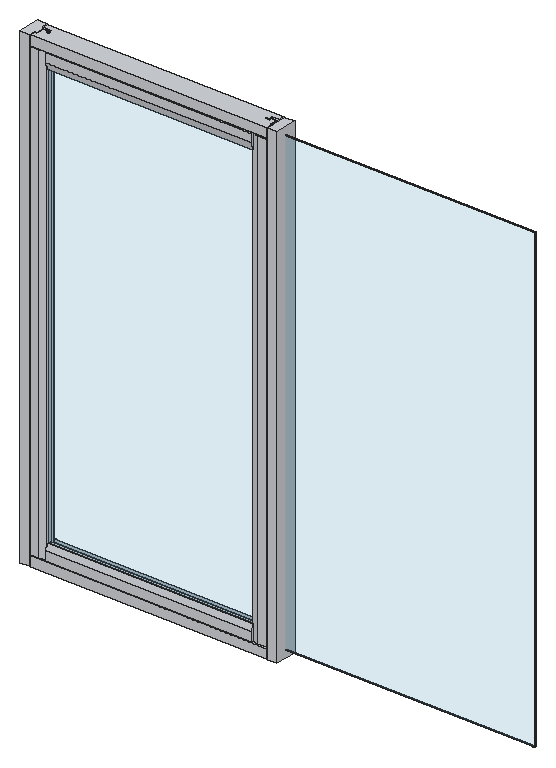
Revit family "ProTilt® High Performance AW-CA Window-SG & DG- Side Lite", category Windows, host Wall, Revit 2021
Family settings
  Host = Wall
  OmniClass Number = 23.30.20.00
  OmniClass Title = Windows
  Always vertical = Yes
  Cut with Voids When Loaded = No
  Shared = No
  Room Calculation Point = No
Parameters (values of type "ASW100 MITRED ADAPTOR")
  YEAR = "2022"  # constant formula
  Width = 0.000 mm  # constant formula
  URL = "WWW.ALSPEC.COM.AU"
  TOLERANCE = 0.000 mm  # constant formula
  Single Glazing Thickness [instance] = 6.000 mm
  Single Glazed [instance] = not(Double Glazed)  # no
  Side Lite Width [instance] = 1200.000 mm
  Sash Material [instance] = none
  Rough Width = 0.000 mm  # constant formula
  Rough Height = 0.000 mm  # constant formula
  Overall Width [instance] = 1200.000 mm
  Overall Height [instance] = 2222.000 mm
  Opening- Right [instance] = yes
  Opening- Left [instance] = yes
  Opening- Down [instance] = yes
  Offset = 10.000 mm  # constant formula
  Model = "ProTilt® High Performance Awning/Casement Window-SG & DG "  # constant formula
  Manufacturer = "ALSPEC"
  Height = 0.000 mm  # constant formula
  Glazing Material [instance] = Glass
  Frame material [instance] = none
  Ext Frame Width = 49.400 mm  # constant formula
  Double Glazing Thickness [instance] = 18.000 mm
  Double Glazed [instance] = yes
  Define Thermal Properties by = Schematic Type
  Default Sill Height = 999.000 mm
  Wall Closure = By host
  DG Fixed Glass [instance] = 12.000 mm  # constant formula
  CREATOR = "Viraj Mhatre"  # constant formula
  COMPANY = "ALSPEC"  # constant formula
  Analytic Construction = "<None>"
  AP [instance] = 6.000 mm  # constant formula
Reference planes
  plane 1 "Center (Front/Back)": y = 0
  plane 2 "Center (Left/Right)": x = 0
  plane 3 "Left": x = -600
  plane 4 "Right": x = 600
  plane 5 "Sill": z = 999
  plane 6 "Head": z = 3221
  plane 7 "Exterior": y = 100
  plane 8 "Interior": y = -100
  plane 9: y = 90
  plane 10: z = 999
  plane 11: z = 1048.4
  plane 12: y = -11.6
  plane 13 "FRAME CENTRE": y = 42
  plane 14: y = 72.8
  plane 15: z = 3221
  plane 16: x = -550.6
  plane 17: x = 550.6
  plane 18: y = 38.4
  plane 19: z = 3171.6
  plane 20: y = 14.9
  plane 21: z = 2110
  plane 22: y = 6.1
  plane 23: x = 1800
  plane 24: y = 39.2
  plane 25: x = 1755.5
  plane 26: y = 41.4
  plane 27: y = 35.4
  plane 28: x = 590.3
  plane 29: x = 1765.5
  plane 30: z = 1032.897
  plane 31: z = 3186.5
  plane 32: y = 41.4
  plane 33: y = 35.4
  plane 34: y = 44.4
  plane 35: y = 32.4
Forms (mm)
  Extrusion 1, solid, material <- "Frame material", visible <- "Double Glazed"
    sketch origin (-172.583, 264.351, 3221) x (0, 1, 0) y (-1, 0, 0)
      loop
        line (-275.951, -772.583) -> (-174.351, -772.583) -> (-174.351, -728.183) -> (-201.921, -728.183) -> (-201.921, -687.685) -> (-220.321, -687.685) -> (-220.321, -677.685) -> (-221.921, -677.685) -> (-221.921, -692.685) -> (-210.921, -692.685) -> (-210.921, -718.183) -> (-245.801, -718.183) -> (-245.801, -728.183) -> (-275.951, -728.183) -> (-275.951, -772.583)
      loop
        line (-275.951, 427.417) -> (-275.951, 383.017) -> (-245.801, 383.017) -> (-245.801, 373.017) -> (-210.921, 373.017) -> (-210.921, 347.519) -> (-221.921, 347.519) -> (-221.921, 332.52) -> (-220.321, 332.52) -> (-220.321, 342.52) -> (-201.921, 342.52) -> (-201.921, 383.017) -> (-174.351, 383.017) -> (-174.351, 427.417) -> (-275.951, 427.417)
    from -2222 to 0
  Extrusion 2, solid, material <- "Frame material", visible <- "Double Glazed"
    sketch origin (-600, 0, 0) x (0, -1, 0) y (0, 0, 1)
      loop
        line (-62.43, 3176.6) -> (-62.43, 3136.103) -> (-44.03, 3136.103) -> (-44.03, 3126.103) -> (-42.43, 3126.103) -> (-42.43, 3141.102) -> (-53.43, 3141.102) -> (-53.43, 3166.6) -> (-18.55, 3166.6) -> (-18.55, 3176.6) -> (11.6, 3176.6) -> (11.6, 3221) -> (-90, 3221) -> (-90, 3176.6) -> (-62.43, 3176.6)
      loop
        line (11.6, 999) -> (11.6, 1043.4) -> (-18.55, 1043.4) -> (-18.55, 1053.4) -> (-53.43, 1053.4) -> (-53.43, 1082.297) -> (-42.43, 1082.297) -> (-42.43, 1093.897) -> (-44.03, 1093.897) -> (-44.03, 1083.897) -> (-62.43, 1083.897) -> (-62.43, 1043.4) -> (-90, 1043.4) -> (-90, 999) -> (11.6, 999)
    from -1150.6 to -49.4
  Extrusion 3, solid, material <- "Frame material", visible <- "Single Glazed"
    sketch origin (-172.583, 264.351, 3221) x (0, 1, 0) y (-1, 0, 0)
      loop
        line (-174.351, 427.417) -> (-275.951, 427.417) -> (-275.951, 383.017) -> (-245.801, 383.017) -> (-245.801, 373.017) -> (-210.921, 373.017) -> (-210.921, 344.12) -> (-221.921, 344.12) -> (-221.921, 332.52) -> (-220.321, 332.52) -> (-220.321, 342.52) -> (-201.921, 342.52) -> (-201.921, 383.017) -> (-174.351, 383.017) -> (-174.351, 427.417)
      loop
        line (-201.921, -728.183) -> (-201.921, -687.685) -> (-220.321, -687.685) -> (-220.321, -677.685) -> (-221.921, -677.685) -> (-221.921, -689.285) -> (-210.921, -689.285) -> (-210.921, -718.183) -> (-245.801, -718.183) -> (-245.801, -728.183) -> (-275.951, -728.183) -> (-275.951, -772.583) -> (-234.651, -772.583) -> (-234.651, -756.583) -> (-215.651, -756.583) -> (-215.651, -772.583) -> (-174.351, -772.583) -> (-174.351, -728.183) -> (-201.921, -728.183)
      loop
        line (-174.351, -1972.583) -> (-174.351, -1928.083) -> (-215.651, -1928.083) -> (-215.651, -1938.083) -> (-234.651, -1938.083) -> (-234.651, -1928.083) -> (-275.951, -1928.083) -> (-275.951, -1972.583) -> (-174.351, -1972.583)
    from -2222 to 0
  Extrusion 4, solid, material <- "Frame material", visible <- "Single Glazed"
    sketch origin (-600, 0, 0) x (0, -1, 0) y (0, 0, 1)
      loop
        line (11.6, 999) -> (11.6, 1043.4) -> (-18.55, 1043.4) -> (-18.55, 1053.4) -> (-53.43, 1053.4) -> (-53.43, 1082.297) -> (-42.43, 1082.297) -> (-42.43, 1093.897) -> (-44.03, 1093.897) -> (-44.03, 1083.897) -> (-62.43, 1083.897) -> (-62.43, 1043.4) -> (-90, 1043.4) -> (-90, 999) -> (11.6, 999)
      loop
        line (-90, 3176.6) -> (-62.43, 3176.6) -> (-62.43, 3136.103) -> (-44.03, 3136.103) -> (-44.03, 3126.103) -> (-42.43, 3126.103) -> (-42.43, 3141.102) -> (-53.43, 3141.102) -> (-53.43, 3166.6) -> (-18.55, 3166.6) -> (-18.55, 3176.6) -> (11.6, 3176.6) -> (11.6, 3221) -> (-90, 3221) -> (-90, 3176.6)
    from -1150.6 to -49.4
  Extrusion 5, solid, material <- "Frame material", visible <- "Single Glazed"
    sketch origin (-600, 0, 0) x (0, -1, 0) y (0, 0, 1)
      loop
        line (-90, 3221) -> (-90, 3176.5) -> (-48.7, 3176.5) -> (-48.7, 3186.5) -> (-29.7, 3186.5) -> (-29.7, 3176.5) -> (11.6, 3176.5) -> (11.6, 3221) -> (-90, 3221)
      loop
        line (-89.7, 999) -> (11.3, 999) -> (11.3, 1043.5) -> (-30.403, 1043.5) -> (-30.403, 1032.897) -> (-48.32, 1032.897) -> (-48.32, 1043.488) -> (-89.7, 1043.488) -> (-89.7, 999)
    from -2355.5 to -1200
  Extrusion 6, solid, material "Glass" <- "Glazing Material", visible <- "Single Glazed"
    sketch origin (-172.583, 264.351, 3221) x (0, 1, 0) y (-1, 0, 0)
      loop
        line (-222.951, -762.883) -> (-228.951, -762.883) -> (-228.951, -1938.083) -> (-222.951, -1938.083) -> (-222.951, -762.883)
    from -2188.103 to -34.5
  Extrusion 7, solid, material "Glass" <- "Glazing Material", visible <- "Double Glazed"
    sketch origin (-172.583, 264.351, 3221) x (0, 1, 0) y (-1, 0, 0)
      loop
        line (-219.951, -762.883) -> (-222.951, -762.883) -> (-222.951, -1938.083) -> (-219.951, -1938.083) -> (-219.951, -762.883)
      loop
        line (-228.951, -762.883) -> (-231.951, -762.883) -> (-231.951, -1938.083) -> (-228.951, -1938.083) -> (-228.951, -762.883)
    from -2188.103 to -34.5
Lines and regions (mm)
  Opening 1
    outline origin (3500, -100, 0) x (1, 0, 0) y (0, 0, 1)
      loop
        line (-1700, 999) -> (-1700, 3221) -> (-4100, 3221) -> (-4100, 999) -> (-1700, 999)
  Masking region 1
    outline origin (-172.583, 264.351, 3221) x (0, 1, 0) y (-1, 0, 0)
      loop
        line (-275.951, 427.417) -> (-275.951, 383.017) -> (-245.801, 383.017) -> (-245.801, 373.017) -> (-210.921, 373.017) -> (-210.921, 347.519) -> (-221.921, 347.519) -> (-221.921, 332.52) -> (-220.321, 332.52) -> (-220.321, 342.52) -> (-201.921, 342.52) -> (-201.921, 383.017) -> (-174.351, 383.017) -> (-174.351, 427.417) -> (-275.951, 427.417)
      loop
        line (-275.951, -772.583) -> (-174.351, -772.583) -> (-174.351, -728.183) -> (-201.921, -728.183) -> (-201.921, -687.685) -> (-220.321, -687.685) -> (-220.321, -677.685) -> (-221.921, -677.685) -> (-221.921, -692.685) -> (-210.921, -692.685) -> (-210.921, -718.183) -> (-245.801, -718.183) -> (-245.801, -728.183) -> (-275.951, -728.183) -> (-275.951, -772.583)
  Masking region 2
    outline origin (-600, 0, 0) x (0, -1, 0) y (0, 0, 1)
      loop
        line (-62.43, 3136.103) -> (-44.03, 3136.103) -> (-44.03, 3126.103) -> (-42.43, 3126.103) -> (-42.43, 3141.102) -> (-53.43, 3141.102) -> (-53.43, 3166.6) -> (-18.55, 3166.6) -> (-18.55, 3176.6) -> (11.6, 3176.6) -> (11.6, 3221) -> (-90, 3221) -> (-90, 3176.6) -> (-62.43, 3176.6) -> (-62.43, 3136.103)
      loop
        line (11.6, 999) -> (11.6, 1043.4) -> (-18.55, 1043.4) -> (-18.55, 1053.4) -> (-53.43, 1053.4) -> (-53.43, 1082.297) -> (-42.43, 1082.297) -> (-42.43, 1093.897) -> (-44.03, 1093.897) -> (-44.03, 1083.897) -> (-62.43, 1083.897) -> (-62.43, 1043.4) -> (-90, 1043.4) -> (-90, 999) -> (11.6, 999)
  Masking region 3
    outline origin (-172.583, 264.351, 3221) x (0, 1, 0) y (-1, 0, 0)
      loop
        line (-245.801, 383.017) -> (-245.801, 373.017) -> (-210.921, 373.017) -> (-210.921, 344.12) -> (-221.921, 344.12) -> (-221.921, 332.52) -> (-220.321, 332.52) -> (-220.321, 342.52) -> (-201.921, 342.52) -> (-201.921, 383.017) -> (-174.351, 383.017) -> (-174.351, 427.417) -> (-275.951, 427.417) -> (-275.951, 383.017) -> (-245.801, 383.017)
      loop
        line (-275.951, -728.183) -> (-275.951, -772.583) -> (-174.351, -772.583) -> (-174.351, -728.183) -> (-201.921, -728.183) -> (-201.921, -687.685) -> (-220.321, -687.685) -> (-220.321, -677.685) -> (-221.921, -677.685) -> (-221.921, -689.285) -> (-210.921, -689.285) -> (-210.921, -718.183) -> (-245.801, -718.183) -> (-245.801, -728.183) -> (-275.951, -728.183)
      loop
        line (-174.351, -1972.583) -> (-174.351, -1928.083) -> (-215.651, -1928.083) -> (-215.651, -1938.083) -> (-234.651, -1938.083) -> (-234.651, -1928.083) -> (-275.951, -1928.083) -> (-275.951, -1972.583) -> (-174.351, -1972.583)
  Masking region 4
    outline origin (-600, 0, 0) x (0, -1, 0) y (0, 0, 1)
      loop
        line (11.6, 999) -> (11.6, 1043.4) -> (-18.55, 1043.4) -> (-18.55, 1053.4) -> (-53.43, 1053.4) -> (-53.43, 1082.297) -> (-42.43, 1082.297) -> (-42.43, 1093.897) -> (-44.03, 1093.897) -> (-44.03, 1083.897) -> (-62.43, 1083.897) -> (-62.43, 1043.4) -> (-90, 1043.4) -> (-90, 999) -> (11.6, 999)
      loop
        line (-44.121, 3136.103) -> (-44.121, 3126.103) -> (-42.521, 3126.103) -> (-42.521, 3137.703) -> (-53.521, 3137.703) -> (-53.521, 3166.6) -> (-18.641, 3166.6) -> (-18.641, 3176.6) -> (11.509, 3176.6) -> (11.509, 3221) -> (-90.091, 3221) -> (-90.091, 3176.6) -> (-62.521, 3176.6) -> (-62.521, 3136.103) -> (-44.121, 3136.103)
  Masking region 5
    outline origin (-600, 0, 0) x (0, -1, 0) y (0, 0, 1)
      loop
        line (-90, 3221) -> (-90, 3176.5) -> (-48.7, 3176.5) -> (-48.7, 3186.5) -> (-29.7, 3186.5) -> (-29.7, 3176.5) -> (11.6, 3176.5) -> (11.6, 3221) -> (-90, 3221)
      loop
        line (-89.7, 999) -> (11.3, 999) -> (11.3, 1043.5) -> (-30.403, 1043.5) -> (-30.403, 1032.897) -> (-48.32, 1032.897) -> (-48.32, 1043.488) -> (-89.7, 1043.488) -> (-89.7, 999)
  symbolic lines, visible <- "Opening- Down"
    curve 1: line (580.853, 90, 3114.353) -> (0, 90, 1118.1)
    curve 2: line (-580.853, 90, 3114.353) -> (0, 90, 1118.1)
  symbolic lines, visible <- "Opening- Left"
    curve 3: line (-550.6, 90, 3221) -> (600, 90, 2110)
    curve 4: line (600, 90, 2110) -> (-550.6, 90, 999)
  symbolic lines, visible <- "Opening- Right"
    curve 5: line (550.6, 90, 3221) -> (-600, 90, 2110)
    curve 6: line (-600, 90, 2110) -> (550.6, 90, 999)
Text (mm)
  text "EXTERIOR" at (-1963.203, 976.104, 0), in view "Ref. Level"
  text "INTERIOR" at (-1981.466, -1062.665, 0), in view "Ref. Level"
  text "Exterior" at (0, 923.751, 2943.296), in view "Right"
  text "Exterior" at (0, 1040.484, 2685.409), in view "Left"
Dimensions and locks
  "Default Sill Height": plane 5 "Sill" to level
  locked: plane 7 "Exterior" to host wall
  locked: plane 8 "Interior" to host wall
  "Offset": plane 9 to plane 7 "Exterior"
  locked: plane 9 to plane 12 at 101.6
  locked: plane 9 to plane 14 at 17.2
  "TOLERANCE": plane 5 "Sill" to plane 10
  "Overall Height": plane 6 "Head" to plane 10
  equal spacing: plane 3 "Left", plane 2 "Center (Left/Right)", plane 4 "Right"
  "Overall Width": plane 3 "Left" to plane 4 "Right"
  "Ext Frame Width": plane 3 "Left" to plane 16
  "Ext Frame Width": plane 17 to plane 4 "Right"
  locked: plane 9 to plane 18 at 51.6
  locked: plane 19 to plane 6 "Head" at 49.4
  locked: plane 11 to plane 10 at 49.4
  locked: plane 9 to plane 20 at 75.1
  equal spacing: plane 5 "Sill", plane 21, plane 15
  locked: plane 9 to plane 22 at 83.9
  "Side Lite Width": plane 4 "Right" to plane 23
  locked: plane 24 to plane 18 at 0.8
  locked: plane 25 to plane 23 at 44.5
  equal spacing: plane 26, plane 18, plane 27
  "Single Glazing Thickness": plane 26 to plane 27
  locked: plane 28 to plane 4 "Right" at 9.7
  locked: plane 25 to plane 29 at 10
  locked: plane 30 to plane 10 at 33.897
  locked: plane 15 to plane 31 at 34.5
  equal spacing: plane 32, plane 18, plane 33
  "AP": plane 32 to plane 33
  equal spacing: plane 34, plane 18, plane 35
  "DG Fixed Glass": plane 34 to plane 35
  aligned and locked: plane 15 to plane 6 "Head"
  aligned and locked: plane 16 to nested 1
  aligned and locked: plane 17 to nested 2
  aligned and locked: nested 1 to plane 18
  aligned and locked: plane 18 to nested 2
  aligned and locked: Masking region 1 sketch curve to nested 1  (x14)
  aligned and locked: Masking region 1 sketch curve to nested 2  (x14)
  aligned and locked: Extrusion 1 sketch curve to nested 2  (x14)
  aligned and locked: Extrusion 1 sketch curve to nested 1  (x14)
  aligned and locked: Extrusion 1 to plane 6 "Head"
  aligned and locked: plane 5 "Sill" to Extrusion 1
  aligned and locked: Extrusion 2 to plane 16
  aligned and locked: plane 17 to Extrusion 2
  aligned and locked: nested 3 to plane 20
  aligned and locked: nested 4 to plane 6 "Head"
  aligned and locked: nested 4 to plane 18
  aligned and locked: Extrusion 2 sketch curve to nested 4  (x14)
  aligned and locked: Masking region 2 sketch curve to Extrusion 2  (x14)
  aligned and locked: plane 10 to nested 5
  aligned and locked: nested 5 to plane 18
  aligned and locked: Masking region 2 sketch curve to nested 5  (x13)
  aligned and locked: nested 5 to Masking region 2 sketch curve
  aligned and locked: Extrusion 2 sketch curve to nested 5  (x13)
  aligned and locked: nested 5 to Extrusion 2 sketch curve
  aligned and locked: plane 16 to nested 3
  aligned and locked: plane 17 to nested 3
  aligned and locked: plane 19 to nested 3
  aligned and locked: plane 11 to nested 3
  aligned and locked: plane 16 to nested 6
  aligned and locked: Extrusion 3 sketch curve to nested 6  (x13)
  aligned and locked: nested 6 to Extrusion 3 sketch curve
  aligned and locked: Extrusion 3 to plane 6 "Head"
  aligned and locked: plane 5 "Sill" to Extrusion 3
  aligned and locked: nested 6 to Masking region 3 sketch curve
  aligned and locked: Masking region 3 sketch curve to nested 6  (x13)
  aligned and locked: nested 8 to plane 6 "Head"
  aligned and locked: plane 10 to nested 7
  aligned and locked: Masking region 4 sketch curve to nested 7  (x13)
  aligned and locked: nested 7 to Masking region 4 sketch curve
  aligned and locked: Extrusion 4 sketch curve to nested 7  (x13)
  aligned and locked: nested 7 to Extrusion 4 sketch curve
  aligned and locked: plane 17 to Extrusion 4
  aligned and locked: Extrusion 4 to plane 16
  aligned and locked: nested 6 to plane 18
  aligned and locked: nested 7 to plane 18
  aligned and locked: nested 8 to plane 18
  aligned and locked: Extrusion 4 sketch curve to Masking region 2  (x14)
  aligned and locked: plane 16 to nested 9
  aligned and locked: plane 17 to nested 9
  aligned and locked: nested 9 to plane 22
  aligned and locked: plane 19 to nested 9
  aligned and locked: plane 11 to nested 9
  aligned and locked: plane 23 to Opening 1 sketch curve
  aligned and locked: nested 10 to plane 24
  aligned and locked: plane 23 to nested 10
  aligned and locked: plane 17 to nested 11
  aligned and locked: nested 11 to plane 18
  aligned and locked: Extrusion 3 sketch curve to nested 11  (x17)
  aligned and locked: Masking region 3 sketch curve to nested 10  (x7)
  aligned and locked: nested 10 to Masking region 3 sketch curve
  aligned and locked: Extrusion 3 sketch curve to nested 10  (x7)
  aligned and locked: nested 10 to Extrusion 3 sketch curve
  aligned and locked: plane 6 "Head" to nested 12
  aligned and locked: plane 24 to nested 12
  aligned and locked: Extrusion 5 sketch curve to nested 12  (x7)
  aligned and locked: nested 12 to Extrusion 5 sketch curve
  aligned and locked: Masking region 5 sketch curve to nested 12  (x7)
  aligned and locked: nested 12 to Masking region 5 sketch curve
  aligned and locked: plane 4 "Right" to Extrusion 5
  aligned and locked: plane 25 to Extrusion 5
  aligned and locked: nested 13 to plane 24
  aligned and locked: nested 13 to plane 10
  aligned and locked: Masking region 5 sketch curve to nested 13  (x8)
  aligned and locked: Extrusion 5 sketch curve to nested 13  (x8)
  aligned and locked: Extrusion 6 sketch curve to plane 26
  aligned and locked: Extrusion 6 sketch curve to plane 27
  aligned and locked: Extrusion 6 to plane 28
  aligned and locked: plane 29 to Extrusion 6
  aligned and locked: Extrusion 6 to plane 30
  aligned and locked: plane 31 to Extrusion 6
  aligned and locked: Masking region 4 sketch curve to nested 8  (x14)
  aligned and locked: Extrusion 7 sketch curve to plane 34
  aligned and locked: Extrusion 7 sketch curve to plane 32
  aligned and locked: Extrusion 7 sketch curve to plane 33
  aligned and locked: Extrusion 7 sketch curve to plane 35
  aligned and locked: Extrusion 7 sketch curve to Extrusion 7 sketch curve  (x2)
  aligned and locked: Extrusion 7 to plane 28
  aligned and locked: plane 29 to Extrusion 7
  aligned and locked: Extrusion 7 to plane 30
  aligned and locked: plane 31 to Extrusion 7
Automatic sketch dimensions
  plane 4 "Right" to curve 3 = 0.000 mm
  curve 5 to plane 6 "Head" = 0.000 mm
  curve 5 to plane 17 = 0.000 mm
  curve 6 to plane 5 "Sill" = 0.000 mm
  curve 6 to plane 17 = 0.000 mm
  plane 2 "Center (Left/Right)" to curve 2 = 0.000 mm
  curve 3 to plane 6 "Head" = 0.000 mm
  curve 3 to plane 16 = 0.000 mm
  curve 4 to plane 5 "Sill" = 0.000 mm
  curve 4 to plane 16 = 0.000 mm
  plane 3 "Left" to curve 6 = 0.000 mm
  curve 3 to plane 21 = 0.000 mm
  curve 6 to plane 21 = 0.000 mm
  plane 11 to curve 2 = 69.700 mm
  plane 4 "Right" to curve 1 = 19.147 mm
  curve 2 to plane 3 "Left" = 19.147 mm
  curve 2 to plane 19 = 57.247 mm
  curve 1 to plane 19 = 57.247 mm
  plane 3 "Left" to Opening 1 sketch curve = 0.000 mm
  Opening 1 sketch curve to plane 6 "Head" = 0.000 mm
  Opening 1 sketch curve to plane 5 "Sill" = 0.000 mm
  Masking region 3 sketch curve to plane 12 = 0.000 mm
  Masking region 3 sketch curve to plane 9 = 0.000 mm
  Masking region 3 sketch curve to plane 4 "Right" = 0.000 mm
  plane 20 to Masking region 3 sketch curve = 3.650 mm
  plane 13 "FRAME CENTRE" to Masking region 3 sketch curve = 0.430 mm
  plane 13 "FRAME CENTRE" to Masking region 3 sketch curve = 2.030 mm
  Masking region 3 sketch curve to plane 17 = 5.000 mm
  plane 13 "FRAME CENTRE" to Masking region 3 sketch curve = 11.430 mm
  plane 17 to Masking region 3 sketch curve = 5.000 mm  (x2)
  Masking region 3 sketch curve to plane 14 = 10.370 mm
  Masking region 3 sketch curve to Masking region 3 sketch curve = 28.897 mm
  Masking region 3 sketch curve to Masking region 3 sketch curve = 1.600 mm
  Masking region 3 sketch curve to Masking region 3 sketch curve = 10.000 mm
  plane 17 to Extrusion 3 sketch curve = 5.000 mm
  plane 5 "Sill" to Masking region 5 sketch curve = 0.000 mm
  Masking region 5 sketch curve to plane 9 = 0.300 mm
  plane 13 "FRAME CENTRE" to Masking region 5 sketch curve = 6.320 mm
  Masking region 5 sketch curve to plane 18 = 7.997 mm
  plane 12 to Masking region 5 sketch curve = 0.300 mm
  Masking region 5 sketch curve to plane 11 = 15.503 mm
  Masking region 5 sketch curve to plane 11 = 4.912 mm
  Masking region 5 sketch curve to plane 11 = 4.900 mm
  plane 5 "Sill" to Extrusion 5 sketch curve = 0.000 mm
  Extrusion 5 sketch curve to plane 9 = 0.300 mm
  plane 13 "FRAME CENTRE" to Extrusion 5 sketch curve = 6.320 mm
  Extrusion 5 sketch curve to plane 18 = 7.997 mm
  plane 12 to Extrusion 5 sketch curve = 0.300 mm
  Extrusion 5 sketch curve to plane 11 = 15.503 mm
  Extrusion 5 sketch curve to plane 11 = 4.912 mm
  Extrusion 5 sketch curve to plane 11 = 4.900 mm
  plane 23 to Extrusion 6 sketch curve = 34.500 mm
  plane 23 to Extrusion 6 sketch curve = 1209.700 mm
  plane 6 "Head" to Masking region 4 sketch curve = 0.000 mm
  plane 9 to Masking region 4 sketch curve = 0.091 mm
  plane 19 to Masking region 4 sketch curve = 5.000 mm  (x2)
  Masking region 4 sketch curve to plane 14 = 10.279 mm
  Masking region 4 sketch curve to plane 19 = 5.000 mm
  plane 13 "FRAME CENTRE" to Masking region 4 sketch curve = 11.521 mm
  plane 13 "FRAME CENTRE" to Masking region 4 sketch curve = 2.121 mm
  plane 13 "FRAME CENTRE" to Masking region 4 sketch curve = 0.521 mm
  plane 20 to Masking region 4 sketch curve = 3.741 mm
  plane 12 to Masking region 4 sketch curve = 0.091 mm
  Masking region 4 sketch curve to Masking region 4 sketch curve = 40.497 mm
  Masking region 4 sketch curve to Masking region 4 sketch curve = 10.000 mm
  Masking region 4 sketch curve to Masking region 4 sketch curve = 1.600 mm
  plane 23 to Extrusion 7 sketch curve = 34.500 mm
  Extrusion 7 sketch curve to Extrusion 7 sketch curve = 1175.200 mm
Nested families
  nested 1: "DG Ext Frame AS91C" at (-550.6, 38.4, 3221), type "DG Ext Frame AS91C", detail levels fine
  nested 2: "DG Ext Frame AS91C" at (550.6, 38.4, 3221) x (-1, 0, 0) z (0, 0, 1), type "DG Ext Frame AS91C", detail levels fine
  nested 3: "Sliding Panel DG" at (0, 14.9, 1048.4), visible <- "Double Glazed", Double Glazing Thickness <- "Double Glazing Thickness", Glazing Material <- "Glazing Material", Sash Material <- "Sash Material", type "SLIDING_GLAZED PANEL"
    with Thickness Control 24.000 mm, Sash Material none, Panel Width 1101.200 mm, Panel Height 2123.200 mm, Glazing Material Glass, Double Glazing Thickness 18.000 mm, Air Pocket 8.000 mm
  nested 4: "DG Ext Head AS91C" at (-600, 38.4, 3221) x (0, 1, 0) z (-1, 0, 0), type "DG Ext Head AS91C", detail levels fine
  nested 5: "DG Ext Sill AS91C" at (-600, 38.4, 999) x (0, 1, 0) z (-1, 0, 0), type "DG Ext Sill AS91C", detail levels fine
  nested 6: "SG Ext Frame AS24" at (-550.6, 38.4, 3221), type "SG Ext Frame AS24", detail levels fine
  nested 7: "SG Ext Sill AS24" at (-600, 38.4, 999) x (0, 1, 0) z (-1, 0, 0), type "SG Ext Sill AS24", detail levels fine
  nested 8: "SG Ext Head AS24" at (-600, 38.4, 3221) x (0, 1, 0) z (-1, 0, 0), type "SG Ext Head AS24", detail levels fine
  nested 9: "Sliding Panel SG" at (0, 6.1, 1048.4), visible <- "Single Glazed", Single Glazing Thickness <- "Single Glazing Thickness", Glazing Material <- "Glazing Material", Sash Material <- "Sash Material", type "SLIDING_GLAZED PANEL"
    with Thickness Control 6.000 mm, Single Glazing Thickness 6.000 mm, Sash Material none, Panel Width 1101.200 mm, Panel Height 2123.200 mm, Glazing Material Glass, Air Pocket 8.000 mm
  nested 10: "SG ME1" at (1755.5, 39.2, 3221) x (-1, 0, 0) z (0, 0, 1), type "SG ME1"
  nested 11: "SG Side lite int meeting frame AS24 Me4" at (600, 39.2, 3221) x (-1, 0, 0) z (0, 0, 1), type "SG Side lite int meeting frame AS24 Me4", detail levels fine
  nested 12: "SG ME1" at (-600, 39.2, 3176.5) x (0, 0, -1) z (-1, 0, 0), type "SG ME1", detail levels fine
  nested 13: "SG Int side lite ME2 ME3 Sill" at (-600, 39.2, 999) x (0, -1, 0) z (-1, 0, 0), type "SG Int side lite ME2 ME3 Sill", detail levels fine
Definition of nested family "Sliding Panel DG"
  Parameters (values of type "SLIDING_GLAZED PANEL")
    YEAR = "2022"  # constant formula
    Width = 0.000 mm  # constant formula
    Thickness Control [instance] = if(Double Glazing Thickness > 28.000 mm, 28.000 mm, if(Double Glazing Thickness < 24.000 mm, 24.000 mm, Double Glazing Thickness))  # 27.000 mm
    Thickness = 0.000 mm  # constant formula
    TODAYS DATE = "01/06/2022"  # constant formula
    Sash Material [instance] = none
    Rough Width = 0.000 mm  # constant formula
    Rough Height = 0.000 mm  # constant formula
    Panel Width [instance] = 1400.000 mm
    Panel Height [instance] = 2200.000 mm
    JAMP WIDTH = 69.700 mm  # constant formula
    Height = 0.000 mm  # constant formula
    HEAD_JAMP HEIGHT = 69.700 mm  # constant formula
    Glazing Material [instance] = none
    Double Glazing Thickness [instance] = 27.000 mm
    Define Thermal Properties by = 1
    Default Elevation = 1219.200 mm
    CREATOR = "Viraj Mhatre"  # constant formula
    COMPANY = "ALSPEC"  # constant formula
    BOTTOM_JAMP HEIGHT = 69.700 mm  # constant formula
    Analytic Construction = "<None>"
    Air Pocket [instance] = 8.000 mm  # constant formula
  Reference planes
    plane 1 "Center (Front/Back)": y = 0
    plane 2: z = 0
    plane 3 "Center (Left/Right)": x = 0
    plane 4: x = -700
    plane 5: x = 700
    plane 6: x = -642.3
    plane 7: x = 642.3
    plane 8: z = 2200
    plane 9: z = 2130.353
    plane 10: z = 69.647
    plane 11: z = 1100
    plane 12: x = -630.3
    plane 13: x = 630.3
    plane 14: z = 57.65
    plane 15: z = 2142.35
    plane 16: y = 4
    plane 17: y = 13.5
    plane 18: y = -4
    plane 19: y = -13.5
  Forms (mm)
    Extrusion 1, solid, material <- "Sash Material"
      sketch origin (0, 0, 0) x (1, 0, 0) y (0, 1, 0)
        loop
          line (699.947, -26.5) -> (699.947, -19.54) -> (689.067, -19.54) -> (689.067, -1.35) -> (667.247, -1.35) -> (667.247, 23.5) -> (630.298, 23.5) -> (630.298, 18.956) -> (642.297, 18.956) -> (642.297, -14.869) -> (630.3, -14.869) -> (630.3, -18.502) -> (660.149, -26.5) -> (699.947, -26.5)
        loop
          line (-699.947, -26.5) -> (-660.149, -26.5) -> (-630.3, -18.502) -> (-630.3, -14.869) -> (-642.297, -14.869) -> (-642.297, 18.956) -> (-630.298, 18.956) -> (-630.298, 23.5) -> (-667.247, 23.5) -> (-667.247, -1.35) -> (-689.067, -1.35) -> (-689.067, -19.54) -> (-699.947, -19.54) -> (-699.947, -26.5)
      from 0 to 2200
    Extrusion 2, solid
      sketch origin (0, 0, 0) x (0, 1, 0) y (0, 0, 1)
        loop
          line (-26.5, 2200) -> (-26.5, 2160.202) -> (-18.502, 2130.353) -> (-14.902, 2130.353) -> (-14.902, 2142.35) -> (19.068, 2142.35) -> (19.068, 2130.351) -> (23.5, 2130.351) -> (23.5, 2167.303) -> (-1.35, 2167.303) -> (-1.35, 2189.12) -> (-19.54, 2189.12) -> (-19.54, 2200) -> (-26.5, 2200)
        loop
          line (-26.5, 0) -> (-19.54, 0) -> (-19.54, 10.88) -> (-1.35, 10.88) -> (-1.35, 32.697) -> (23.5, 32.697) -> (23.5, 69.649) -> (19.068, 69.649) -> (19.068, 57.65) -> (-14.902, 57.65) -> (-14.902, 69.647) -> (-18.502, 69.647) -> (-26.5, 39.798) -> (-26.5, 0)
      from -630.3 to 630.3
    Extrusion 3, solid, material <- "Glazing Material"
      sketch origin (0, 0, 0) x (1, 0, 0) y (0, 1, 0)
        loop
          line (-642.3, 13.5) -> (-642.3, 4) -> (642.3, 4) -> (642.3, 13.5) -> (-642.3, 13.5)
        loop
          line (-642.3, -4) -> (-642.3, -13.5) -> (642.3, -13.5) -> (642.3, -4) -> (-642.3, -4)
      from 57.65 to 2142.35
  Lines and regions (mm)
    Masking region 1
      outline origin (0, 0, 0) x (1, 0, 0) y (0, 1, 0)
        loop
          line (-699.947, -26.5) -> (-660.149, -26.5) -> (-630.3, -18.502) -> (-630.3, -14.869) -> (-642.297, -14.869) -> (-642.297, 18.956) -> (-630.298, 18.956) -> (-630.298, 23.5) -> (-667.247, 23.5) -> (-667.247, -1.35) -> (-689.067, -1.35) -> (-689.067, -19.54) -> (-699.947, -19.54) -> (-699.947, -26.5)
        loop
          line (699.947, -26.5) -> (699.947, -19.54) -> (689.067, -19.54) -> (689.067, -1.35) -> (667.247, -1.35) -> (667.247, 23.5) -> (630.298, 23.5) -> (630.298, 18.956) -> (642.297, 18.956) -> (642.297, -14.869) -> (630.3, -14.869) -> (630.3, -18.502) -> (660.149, -26.5) -> (699.947, -26.5)
    Masking region 2
      outline origin (0, 0, 0) x (0, 1, 0) y (0, 0, 1)
        loop
          line (-26.5, 0) -> (-19.54, 0) -> (-19.54, 10.88) -> (-1.35, 10.88) -> (-1.35, 32.697) -> (23.5, 32.697) -> (23.5, 69.649) -> (19.068, 69.649) -> (19.068, 57.65) -> (-14.902, 57.65) -> (-14.902, 69.647) -> (-18.502, 69.647) -> (-26.5, 39.798) -> (-26.5, 0)
        loop
          line (-26.5, 2160.202) -> (-18.502, 2130.353) -> (-14.902, 2130.353) -> (-14.902, 2142.35) -> (19.068, 2142.35) -> (19.068, 2130.351) -> (23.5, 2130.351) -> (23.5, 2167.303) -> (-1.35, 2167.303) -> (-1.35, 2189.12) -> (-19.54, 2189.12) -> (-19.54, 2200) -> (-26.5, 2200) -> (-26.5, 2160.202)
  Dimensions and locks
    equal spacing: plane 4, plane 3 "Center (Left/Right)", plane 5
    "Panel Width": plane 4 to plane 5
    equal spacing: plane 8, plane 11, plane 2
    "JAMP WIDTH": plane 4 to plane 12
    "JAMP WIDTH": plane 13 to plane 5
    locked: plane 13 to plane 7 at 12
    locked: plane 6 to plane 12 at 12
    locked: plane 10 to plane 14 at 11.997
    locked: plane 14 to level at 57.65
    locked: plane 8 to plane 15 at 57.65
    locked: plane 15 to plane 9 at 11.997
    "Air Pocket": plane 16 to plane 18
    equal spacing: plane 16, plane 1 "Center (Front/Back)", plane 18
    equal spacing: plane 17, plane 1 "Center (Front/Back)", plane 19
    "Thickness Control": plane 17 to plane 19
    "Panel Height": plane 8 to plane 2
    aligned and locked: level to plane 2
    aligned and locked: plane 12 to nested 1
    aligned and locked: plane 1 "Center (Front/Back)" to nested 1
    aligned and locked: plane 13 to nested 2
    aligned and locked: nested 2 to plane 1 "Center (Front/Back)"
    aligned and locked: Masking region 1 sketch curve to nested 1  (x13)
    aligned and locked: Masking region 1 sketch curve to nested 2  (x13)
    aligned and locked: Extrusion 1 sketch curve to nested 2  (x13)
    aligned and locked: Extrusion 1 sketch curve to nested 1  (x13)
    aligned and locked: plane 8 to Extrusion 1
    aligned and locked: Extrusion 1 to level
    aligned and locked: nested 3 to level
    aligned and locked: plane 1 "Center (Front/Back)" to nested 3
    aligned and locked: nested 4 to plane 8
    aligned and locked: nested 4 to plane 1 "Center (Front/Back)"
    aligned and locked: Masking region 2 sketch curve to nested 3  (x13)
    aligned and locked: Masking region 2 sketch curve to nested 4  (x13)
    aligned and locked: Extrusion 2 sketch curve to nested 4  (x13)
    aligned and locked: Extrusion 2 sketch curve to nested 3  (x13)
    aligned and locked: plane 13 to Extrusion 2
    aligned and locked: Extrusion 2 to plane 12
    aligned and locked: plane 17 to Extrusion 3 sketch curve
    aligned and locked: Extrusion 3 sketch curve to plane 16
    aligned and locked: plane 18 to Extrusion 3 sketch curve
    aligned and locked: Extrusion 3 sketch curve to plane 19
    aligned and locked: Extrusion 3 sketch curve to Extrusion 3 sketch curve  (x2)
    aligned and locked: plane 7 to Extrusion 3
    aligned and locked: Extrusion 3 to plane 6
    aligned and locked: Extrusion 3 to plane 14
    aligned and locked: plane 15 to Extrusion 3
  Automatic sketch dimensions
    plane 4 to Extrusion 3 sketch curve = 57.700 mm
    Extrusion 3 sketch curve to Extrusion 3 sketch curve = 1284.600 mm
  Nested families
    nested 1: "DG Int Frame  ASW104 ASW106" at (-699.947, 0, 0), type "DG Int Frame  ASW104 ASW106", detail levels fine
    nested 2: "DG Int Frame  ASW104 ASW106" at (699.947, 0, 0) x (-1, 0, 0) z (0, 0, 1), type "DG Int Frame  ASW104 ASW106", detail levels fine
    nested 3: "DG Int Head & Sill ASW104 ASW106" at (0, 0, 0) x (0, 1, 0) z (1, 0, 0), type "DG Int Head & Sill ASW104 ASW106", detail levels fine
    nested 4: "DG Int Head & Sill ASW104 ASW106" at (0, 0, 2200) x (0, 1, 0) z (1, 0, 0), type "DG Int Head & Sill ASW104 ASW106", detail levels fine
  Definition of nested family "DG Int Frame  ASW104 ASW106"
    Reference planes
      plane 1 "Center (Front/Back)": y = 0
      plane 2: z = 0
      plane 3 "Center (Left/Right)": x = 0
      plane 4: x = 69.647
      plane 5: x = 57.65
    Dimensions and locks
      aligned and locked: import instance to plane 1 "Center (Front/Back)"
      aligned and locked: plane 3 "Center (Left/Right)" to import instance
      aligned and locked: plane 5 to import instance
      aligned and locked: plane 4 to import instance
  Definition of nested family "DG Int Head & Sill ASW104 ASW106"
    Reference planes
      plane 1 "Center (Front/Back)": y = 0
      plane 2: z = 0
      plane 3 "Center (Left/Right)": x = 0
      plane 4: y = -57.65
      plane 5: y = -69.647
    Dimensions and locks
      aligned and locked: plane 1 "Center (Front/Back)" to import instance
      aligned and locked: plane 3 "Center (Left/Right)" to import instance
      aligned and locked: plane 4 to import instance
      aligned and locked: plane 5 to import instance
Definition of nested family "Sliding Panel SG"
  Parameters (values of type "SLIDING_GLAZED PANEL")
    YEAR = "2022"  # constant formula
    Width = 0.000 mm  # constant formula
    Thickness Control [instance] = if(Single Glazing Thickness > 16.000 mm, 16.000 mm, if(Single Glazing Thickness < 4.000 mm, 4.000 mm, Single Glazing Thickness))  # 9.000 mm
    Thickness = 0.000 mm  # constant formula
    TODAYS DATE = "01/06/2022"  # constant formula
    Sash Material [instance] = none
    Rough Width = 0.000 mm  # constant formula
    Rough Height = 0.000 mm  # constant formula
    Panel Width [instance] = 1400.000 mm
    Panel Height [instance] = 2200.000 mm
    JAMP WIDTH = 69.700 mm  # constant formula
    Height = 0.000 mm  # constant formula
    HEAD_JAMP HEIGHT = 69.700 mm  # constant formula
    Glazing Material [instance] = none
    Single Glazing Thickness [instance] = 9.000 mm
    Define Thermal Properties by = 1
    Default Elevation = 1219.200 mm
    CREATOR = "Viraj Mhatre"  # constant formula
    COMPANY = "ALSPEC"  # constant formula
    BOTTOM_JAMP HEIGHT = 69.700 mm  # constant formula
    Analytic Construction = "<None>"
    Air Pocket [instance] = 8.000 mm  # constant formula
  Reference planes
    plane 1 "Center (Front/Back)": y = 0
    plane 2: z = 0
    plane 3 "Center (Left/Right)": x = 0
    plane 4: x = -700
    plane 5: x = 700
    plane 6: x = -642.3
    plane 7: x = 642.3
    plane 8: z = 2200
    plane 9: z = 2130.353
    plane 10: z = 69.647
    plane 11: z = 1100
    plane 12: x = -630.3
    plane 13: x = 630.3
    plane 14: z = 57.65
    plane 15: z = 2142.35
    plane 16: y = 4.5
    plane 17: y = -4.5
  Forms (mm)
    Extrusion 1, solid, material <- "Sash Material"
      sketch origin (0, 0, 0) x (1, 0, 0) y (0, 1, 0)
        loop
          line (-699.95, -17.7) -> (-660.152, -17.7) -> (-630.303, -9.702) -> (-630.303, -6.215) -> (-642.3, -6.215) -> (-642.3, 9.927) -> (-630.3, 9.927) -> (-630.3, 32.3) -> (-667.253, 32.3) -> (-667.253, 7.45) -> (-689.07, 7.45) -> (-689.07, -10.74) -> (-699.95, -10.74) -> (-699.95, -17.7)
        loop
          line (699.95, -17.7) -> (699.95, -10.74) -> (689.07, -10.74) -> (689.07, 7.45) -> (667.253, 7.45) -> (667.253, 32.3) -> (630.3, 32.3) -> (630.3, 9.927) -> (642.3, 9.927) -> (642.3, -6.215) -> (630.303, -6.215) -> (630.303, -9.702) -> (660.152, -17.7) -> (699.95, -17.7)
      from 0 to 2200
    Extrusion 2, solid
      sketch origin (0, 0, 0) x (0, 1, 0) y (0, 0, 1)
        loop
          line (7.45, 10.88) -> (7.45, 32.697) -> (32.3, 32.697) -> (32.3, 69.65) -> (10.034, 69.65) -> (10.034, 57.65) -> (-6.187, 57.65) -> (-6.187, 69.647) -> (-9.702, 69.647) -> (-17.7, 39.798) -> (-17.7, 0) -> (-10.74, 0) -> (-10.74, 10.88) -> (7.45, 10.88)
        loop
          line (32.3, 2167.303) -> (7.45, 2167.303) -> (7.45, 2189.12) -> (-10.74, 2189.12) -> (-10.74, 2200) -> (-17.7, 2200) -> (-17.7, 2160.202) -> (-9.702, 2130.353) -> (-6.187, 2130.353) -> (-6.187, 2142.35) -> (10.034, 2142.35) -> (10.034, 2130.35) -> (32.3, 2130.35) -> (32.3, 2167.303)
      from -630.3 to 630.3
    Extrusion 3, solid, material <- "Glazing Material"
      sketch origin (0, 0, 0) x (1, 0, 0) y (0, 1, 0)
        loop
          line (-642.3, 4.5) -> (-642.3, -4.5) -> (642.3, -4.5) -> (642.3, 4.5) -> (-642.3, 4.5)
      from 57.65 to 2142.35
  Lines and regions (mm)
    Masking region 1
      outline origin (0, 0, 0) x (1, 0, 0) y (0, 1, 0)
        loop
          line (699.95, -17.7) -> (699.95, -10.74) -> (689.07, -10.74) -> (689.07, 7.45) -> (667.253, 7.45) -> (667.253, 32.3) -> (630.3, 32.3) -> (630.3, 9.927) -> (642.3, 9.927) -> (642.3, -6.215) -> (630.303, -6.215) -> (630.303, -9.702) -> (660.152, -17.7) -> (699.95, -17.7)
        loop
          line (-699.95, -17.7) -> (-660.152, -17.7) -> (-630.303, -9.702) -> (-630.303, -6.215) -> (-642.3, -6.215) -> (-642.3, 9.927) -> (-630.3, 9.927) -> (-630.3, 32.3) -> (-667.253, 32.3) -> (-667.253, 7.45) -> (-689.07, 7.45) -> (-689.07, -10.74) -> (-699.95, -10.74) -> (-699.95, -17.7)
    Masking region 2
      outline origin (0, 0, 0) x (0, 1, 0) y (0, 0, 1)
        loop
          line (32.3, 2167.303) -> (7.45, 2167.303) -> (7.45, 2189.12) -> (-10.74, 2189.12) -> (-10.74, 2200) -> (-17.7, 2200) -> (-17.7, 2160.202) -> (-9.702, 2130.353) -> (-6.187, 2130.353) -> (-6.187, 2142.35) -> (10.034, 2142.35) -> (10.034, 2130.35) -> (32.3, 2130.35) -> (32.3, 2167.303)
        loop
          line (32.3, 32.697) -> (32.3, 69.65) -> (10.034, 69.65) -> (10.034, 57.65) -> (-6.187, 57.65) -> (-6.187, 69.647) -> (-9.702, 69.647) -> (-17.7, 39.798) -> (-17.7, 0) -> (-10.74, 0) -> (-10.74, 10.88) -> (7.45, 10.88) -> (7.45, 32.697) -> (32.3, 32.697)
  Dimensions and locks
    equal spacing: plane 4, plane 3 "Center (Left/Right)", plane 5
    "Panel Width": plane 4 to plane 5
    equal spacing: plane 8, plane 11, plane 2
    "JAMP WIDTH": plane 4 to plane 12
    "JAMP WIDTH": plane 13 to plane 5
    locked: plane 13 to plane 7 at 12
    locked: plane 6 to plane 12 at 12
    locked: plane 10 to plane 14 at 11.997
    locked: plane 14 to level at 57.65
    locked: plane 8 to plane 15 at 57.65
    locked: plane 15 to plane 9 at 11.997
    "Panel Height": plane 8 to plane 2
    "Thickness Control": plane 16 to plane 17
    equal spacing: plane 16, plane 1 "Center (Front/Back)", plane 17
    aligned and locked: level to plane 2
    aligned and locked: plane 8 to Extrusion 1
    aligned and locked: Extrusion 1 to level
    aligned and locked: plane 13 to Extrusion 2
    aligned and locked: Extrusion 2 to plane 12
    aligned and locked: plane 12 to nested 1
    aligned and locked: plane 1 "Center (Front/Back)" to nested 1
    aligned and locked: plane 13 to nested 2
    aligned and locked: nested 2 to plane 1 "Center (Front/Back)"
    aligned and locked: Masking region 1 sketch curve to nested 2  (x13)
    aligned and locked: Masking region 1 sketch curve to nested 1  (x13)
    aligned and locked: Extrusion 1 sketch curve to nested 1  (x13)
    aligned and locked: Extrusion 1 sketch curve to nested 2  (x13)
    aligned and locked: plane 8 to nested 3
    aligned and locked: nested 3 to plane 1 "Center (Front/Back)"
    aligned and locked: level to nested 4
    aligned and locked: plane 1 "Center (Front/Back)" to nested 4
    aligned and locked: Masking region 2 sketch curve to nested 3  (x13)
    aligned and locked: Masking region 2 sketch curve to nested 4  (x13)
    aligned and locked: Extrusion 2 sketch curve to nested 4  (x13)
    aligned and locked: Extrusion 2 sketch curve to nested 3  (x13)
    aligned and locked: plane 16 to Extrusion 3 sketch curve
    aligned and locked: Extrusion 3 sketch curve to plane 17
    aligned and locked: Extrusion 3 to plane 6
    aligned and locked: plane 7 to Extrusion 3
    aligned and locked: Extrusion 3 to plane 14
    aligned and locked: plane 15 to Extrusion 3
  Automatic sketch dimensions
    Masking region 1 sketch curve to plane 13 = 0.000 mm
    Masking region 1 sketch curve to plane 7 = 0.000 mm
    plane 13 to Masking region 1 sketch curve = 0.003 mm
    plane 7 to Masking region 1 sketch curve = 17.852 mm
    plane 7 to Masking region 1 sketch curve = 24.953 mm
    Masking region 1 sketch curve to plane 5 = 10.930 mm
    Masking region 1 sketch curve to plane 5 = 0.050 mm
    Masking region 1 sketch curve to plane 6 = 0.000 mm
    Masking region 1 sketch curve to plane 12 = 0.000 mm
    Masking region 1 sketch curve to plane 6 = 17.852 mm
    Masking region 1 sketch curve to plane 6 = 24.953 mm
    plane 4 to Masking region 1 sketch curve = 10.930 mm
    plane 4 to Masking region 1 sketch curve = 0.050 mm
    Masking region 1 sketch curve to plane 12 = 0.003 mm
    Extrusion 1 sketch curve to plane 6 = 0.000 mm
    Extrusion 1 sketch curve to plane 12 = 0.000 mm
    Extrusion 1 sketch curve to plane 6 = 17.852 mm
    Extrusion 1 sketch curve to plane 6 = 24.953 mm
    plane 4 to Extrusion 1 sketch curve = 10.930 mm
    plane 4 to Extrusion 1 sketch curve = 0.050 mm
    Extrusion 1 sketch curve to plane 12 = 0.003 mm
    Extrusion 1 sketch curve to plane 13 = 0.000 mm
    Extrusion 1 sketch curve to plane 7 = 0.000 mm
    plane 13 to Extrusion 1 sketch curve = 0.003 mm
    plane 7 to Extrusion 1 sketch curve = 17.852 mm
    plane 7 to Extrusion 1 sketch curve = 24.953 mm
    Extrusion 1 sketch curve to plane 5 = 10.930 mm
    Extrusion 1 sketch curve to plane 5 = 0.050 mm
    Masking region 2 sketch curve to plane 8 = 0.000 mm
    Masking region 2 sketch curve to plane 15 = 0.000 mm
    Masking region 2 sketch curve to plane 9 = 0.000 mm
    Masking region 2 sketch curve to plane 9 = 0.003 mm
    plane 15 to Masking region 2 sketch curve = 17.852 mm
    plane 15 to Masking region 2 sketch curve = 24.953 mm
    Masking region 2 sketch curve to plane 8 = 10.880 mm
    Masking region 2 sketch curve to level = 0.000 mm
    Masking region 2 sketch curve to plane 10 = 0.000 mm
    Masking region 2 sketch curve to plane 14 = 0.000 mm
    plane 10 to Masking region 2 sketch curve = 0.003 mm
    level to Masking region 2 sketch curve = 10.880 mm
    Masking region 2 sketch curve to plane 14 = 24.953 mm
    Masking region 2 sketch curve to plane 14 = 17.852 mm
    Extrusion 2 sketch curve to level = 0.000 mm
    Extrusion 2 sketch curve to plane 10 = 0.000 mm
    Extrusion 2 sketch curve to plane 14 = 0.000 mm
    plane 10 to Extrusion 2 sketch curve = 0.003 mm
    level to Extrusion 2 sketch curve = 10.880 mm
    Extrusion 2 sketch curve to Extrusion 2 sketch curve = 21.817 mm
    Extrusion 2 sketch curve to plane 14 = 17.852 mm
    Extrusion 2 sketch curve to plane 8 = 0.000 mm
    Extrusion 2 sketch curve to plane 9 = 0.000 mm
    Extrusion 2 sketch curve to plane 15 = 0.000 mm
    Extrusion 2 sketch curve to plane 9 = 0.003 mm
    plane 15 to Extrusion 2 sketch curve = 17.852 mm
    plane 15 to Extrusion 2 sketch curve = 24.953 mm
    Extrusion 2 sketch curve to plane 8 = 10.880 mm
    Masking region 1 sketch curve to Masking region 1 sketch curve = 22.373 mm
    Masking region 1 sketch curve to Masking region 1 sketch curve = 24.850 mm
    Extrusion 1 sketch curve to Extrusion 1 sketch curve = 22.373 mm
    Extrusion 1 sketch curve to Extrusion 1 sketch curve = 24.850 mm
    Masking region 2 sketch curve to Masking region 2 sketch curve = 24.850 mm  (x2)
    Extrusion 2 sketch curve to Extrusion 2 sketch curve = 22.266 mm
    Extrusion 2 sketch curve to Extrusion 2 sketch curve = 24.850 mm
    Masking region 1 sketch curve to Masking region 1 sketch curve = 3.487 mm  (x2)
    Masking region 1 sketch curve to Masking region 1 sketch curve = 6.960 mm  (x2)
    Extrusion 1 sketch curve to Extrusion 1 sketch curve = 3.487 mm  (x2)
    Extrusion 1 sketch curve to Extrusion 1 sketch curve = 6.960 mm  (x2)
    Masking region 2 sketch curve to Masking region 2 sketch curve = 3.515 mm  (x2)
    Masking region 2 sketch curve to Masking region 2 sketch curve = 6.960 mm
    Extrusion 2 sketch curve to Extrusion 2 sketch curve = 3.515 mm  (x2)
    Extrusion 2 sketch curve to Extrusion 2 sketch curve = 6.960 mm
    Masking region 1 sketch curve to plane 1 "Center (Front/Back)" = 7.450 mm  (x2)
    Masking region 1 sketch curve to plane 1 "Center (Front/Back)" = 9.927 mm  (x2)
    Extrusion 1 sketch curve to plane 1 "Center (Front/Back)" = 7.450 mm  (x2)
    Extrusion 1 sketch curve to plane 1 "Center (Front/Back)" = 9.927 mm  (x2)
    Masking region 2 sketch curve to plane 1 "Center (Front/Back)" = 7.450 mm  (x2)
    Masking region 2 sketch curve to plane 1 "Center (Front/Back)" = 10.034 mm  (x2)
    Extrusion 2 sketch curve to plane 1 "Center (Front/Back)" = 7.450 mm  (x2)
    Extrusion 2 sketch curve to plane 1 "Center (Front/Back)" = 10.034 mm  (x2)
    plane 1 "Center (Front/Back)" to Masking region 1 sketch curve = 6.215 mm  (x2)
    plane 1 "Center (Front/Back)" to Masking region 1 sketch curve = 10.740 mm  (x2)
    plane 1 "Center (Front/Back)" to Extrusion 1 sketch curve = 6.215 mm  (x2)
    plane 1 "Center (Front/Back)" to Extrusion 1 sketch curve = 10.740 mm  (x2)
    plane 1 "Center (Front/Back)" to Masking region 2 sketch curve = 6.187 mm  (x2)
    plane 1 "Center (Front/Back)" to Masking region 2 sketch curve = 10.740 mm  (x2)
    plane 1 "Center (Front/Back)" to Masking region 2 sketch curve = 17.700 mm
    plane 1 "Center (Front/Back)" to Extrusion 2 sketch curve = 6.187 mm  (x2)
    plane 1 "Center (Front/Back)" to Extrusion 2 sketch curve = 10.740 mm  (x2)
    plane 1 "Center (Front/Back)" to Extrusion 2 sketch curve = 17.700 mm
    plane 4 to Extrusion 3 sketch curve = 57.700 mm
    Extrusion 3 sketch curve to Extrusion 3 sketch curve = 1284.600 mm
  Nested families
    nested 1: "SG Int Frame  ASW104 ASW53" at (-630.3, 0, 0), type "SG Int Frame  ASW104 ASW53"
    nested 2: "SG Int Frame  ASW104 ASW53" at (630.3, 0, 0) x (-1, 0, 0) z (0, 0, 1), type "SG Int Frame  ASW104 ASW53"
    nested 3: "SG Int Head & Sill ASW104 ASW53" at (0, 0, 2130.353) x (0, 1, 0) z (1, 0, 0), type "SG Int Head & Sill ASW104 ASW53", detail levels fine
    nested 4: "SG Int Head & Sill ASW104 ASW53" at (0, 0, 69.647) x (0, 1, 0) z (1, 0, 0), type "SG Int Head & Sill ASW104 ASW53", detail levels fine
  Definition of nested family "SG Int Frame  ASW104 ASW53"
    Reference planes
      plane 1 "Center (Front/Back)": y = 0
      plane 2: z = 0
      plane 3 "Center (Left/Right)": x = 0
      plane 4: x = -69.65
      plane 5: x = -12
    Dimensions and locks
      aligned and locked: import instance to plane 3 "Center (Left/Right)"
      aligned and locked: plane 1 "Center (Front/Back)" to import instance
      aligned and locked: plane 4 to import instance
      aligned and locked: plane 5 to import instance
  Definition of nested family "SG Int Head & Sill ASW104 ASW53"
    Reference planes
      plane 1 "Center (Front/Back)": y = 0
      plane 2: z = 0
      plane 3 "Center (Left/Right)": x = 0
      plane 4: y = 69.647
      plane 5: y = 11.997
    Dimensions and locks
      aligned and locked: import instance to plane 1 "Center (Front/Back)"
      aligned and locked: plane 3 "Center (Left/Right)" to import instance
      aligned and locked: plane 5 to import instance
      aligned and locked: plane 4 to import instance
Definition of nested family "DG Ext Frame AS91C"
  Reference planes
    plane 1 "Center (Front/Back)": y = 0
    plane 2: z = 0
    plane 3 "Center (Left/Right)": x = 0
    plane 4: y = -23.5
  Dimensions and locks
    aligned and locked: plane 3 "Center (Left/Right)" to import instance
    aligned and locked: import instance to plane 1 "Center (Front/Back)"
    aligned and locked: plane 4 to import instance
Definition of nested family "DG Ext Head AS91C"
  Reference planes
    plane 1 "Center (Front/Back)": y = 0
    plane 2: z = 0
    plane 3 "Center (Left/Right)": x = 0
    plane 4: y = -49.4
    plane 5: x = -23.5
  Dimensions and locks
    aligned and locked: import instance to plane 1 "Center (Front/Back)"
    aligned and locked: plane 3 "Center (Left/Right)" to import instance
    aligned and locked: plane 5 to import instance
    aligned and locked: plane 4 to import instance
Definition of nested family "DG Ext Sill AS91C"
  Reference planes
    plane 1 "Center (Front/Back)": y = 0
    plane 2: z = 0
    plane 3 "Center (Left/Right)": x = 0
    plane 4: x = -23.5
    plane 5: y = 49.4
  Dimensions and locks
    aligned and locked: plane 1 "Center (Front/Back)" to import instance
    aligned and locked: import instance to plane 3 "Center (Left/Right)"
    aligned and locked: plane 5 to import instance
    aligned and locked: plane 4 to import instance
Definition of nested family "SG Ext Frame AS24"
  Reference planes
    plane 1 "Center (Front/Back)": y = 0
    plane 2: z = 0
    plane 3 "Center (Left/Right)": x = 0
    plane 4: x = -49.4
    plane 5: y = -32.3
  Dimensions and locks
    aligned and locked: plane 1 "Center (Front/Back)" to import instance
    aligned and locked: plane 3 "Center (Left/Right)" to import instance
    aligned and locked: plane 4 to import instance
    aligned and locked: plane 5 to import instance
Definition of nested family "SG Ext Sill AS24"
  Reference planes
    plane 1 "Center (Front/Back)": y = 0
    plane 2: z = 0
    plane 3 "Center (Left/Right)": x = 0
    plane 4: x = -32.3
    plane 5: y = 49.4
  Dimensions and locks
    aligned and locked: plane 1 "Center (Front/Back)" to import instance
    aligned and locked: import instance to plane 3 "Center (Left/Right)"
    aligned and locked: plane 4 to import instance
    aligned and locked: plane 5 to import instance
Definition of nested family "SG Ext Head AS24"
  Reference planes
    plane 1 "Center (Front/Back)": y = 0
    plane 2: z = 0
    plane 3 "Center (Left/Right)": x = 0
    plane 4: y = -49.4
    plane 5: x = -32.209
  Dimensions and locks
    aligned and locked: plane 3 "Center (Left/Right)" to import instance
    aligned and locked: import instance to plane 1 "Center (Front/Back)"
    aligned and locked: plane 4 to import instance
    aligned and locked: plane 5 to import instance
Definition of nested family "SG ME1"
  Reference planes
    plane 1 "Center (Front/Back)": y = 0
    plane 2: z = 0
    plane 3 "Center (Left/Right)": x = 0
    plane 4: x = -44.5
    plane 5: x = -10
  Dimensions and locks
    aligned and locked: import instance to plane 1 "Center (Front/Back)"
    aligned and locked: plane 3 "Center (Left/Right)" to import instance
    aligned and locked: plane 5 to import instance
    aligned and locked: plane 4 to import instance
Definition of nested family "SG Side lite int meeting frame AS24 Me4"
  Reference planes
    plane 1 "Center (Front/Back)": y = 0
    plane 2: z = 0
    plane 3 "Center (Left/Right)": x = 0
    plane 4: x = 16
    plane 5: x = 49.4
    plane 6: y = -0.8
    plane 7: y = -33.1
  Dimensions and locks
    aligned and locked: plane 1 "Center (Front/Back)" to import instance
    aligned and locked: import instance to plane 3 "Center (Left/Right)"
    aligned and locked: plane 7 to import instance
    aligned and locked: plane 6 to import instance
    aligned and locked: plane 5 to import instance
    aligned and locked: plane 4 to import instance
Definition of nested family "SG Int side lite ME2 ME3 Sill"
  Reference planes
    plane 1 "Center (Front/Back)": y = 0
    plane 2: z = 0
    plane 3 "Center (Left/Right)": x = 0
    plane 4: y = 44.5
    plane 5: y = 33.897
  Dimensions and locks
    aligned and locked: plane 1 "Center (Front/Back)" to import instance
    aligned and locked: import instance to plane 3 "Center (Left/Right)"
    aligned and locked: plane 5 to import instance
    aligned and locked: plane 4 to import instance
